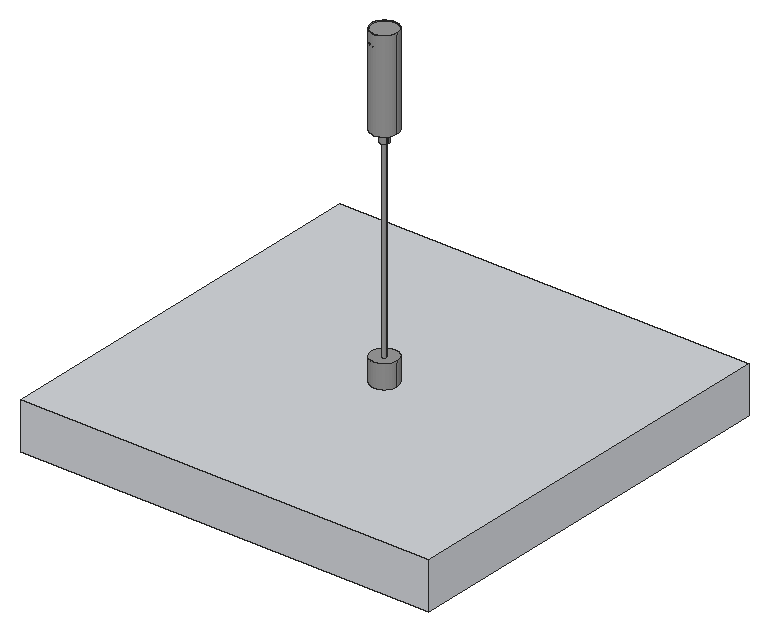
Revit family "ARTLIGHT_Светильник светодиодный_ART-S(N)-FLUTE", category Осветительные приборы, Revit 2019
Family settings
  Основа = Грань
  Размер круглого соединителя = Использовать диаметр
  Тип детали = Нормальный
  При загрузке вырезать с полостями = Нет
  Источник света = Да
  Общий = Нет
  Точка расчета площади = Нет
Parameters (values of type "RAL 15°")
  built-in parameter 1150104 = 13.8 (stored number, unit not read)
  Цветовая температура 4000К [instance] = no
  Цветовая температура 3000К [instance] = no
  Цветовая температура 2700К [instance] = no
  Цветовая температура [instance] = if(Цветовая температура 2700К, 2700 K, if(Цветовая температура 3000К, 3000 K, if(Цветовая температура 4000К, 4000 K, 0 K)))  # 0 K
  built-in parameter 1150134 = 3
  Файл фотометрической сетки = "15deg.ies"
  Угол рассеивания = 15.00°
  Tilt Angle = 90.00°
  built-in parameter 1150137 = (empty or 0)
  built-in parameter 1150132 = (empty or 0)
  built-in parameter 1150114 = 1 (stored number, unit not read)
  Dimming Lamp Color Temperature Shift = (empty or 0)
  built-in parameter 1150105 = 109.82 (stored number, unit not read)
  Color Filter = 16777215
  Lumens = 1380 lm
  Светильник = Стеклянная лампа
  built-in parameter 1150109 = 1 (stored number, unit not read)
  built-in parameter 1150112 = 1 (stored number, unit not read)
  built-in parameter 1150110 = 1 (stored number, unit not read)
  built-in parameter 1150113 = 1 (stored number, unit not read)
  built-in parameter 1150115 = 1 (stored number, unit not read)
  built-in parameter 1114218 = 1 (stored number, unit not read)
  built-in parameter 1114217 = 1 (stored number, unit not read)
  Подвесной монтаж [instance] = yes
  Подвес = Подвес
  Apparent Load = 0 VA
  Default Elevation = 1219.2 mm
  built-in parameter 1150106 = 1.0982 (stored number, unit not read)
  Накладной монтаж [instance] = not(Подвесной монтаж)  # no
  built-in parameter 1150133 = 10 (stored number, unit not read)
  Мощность 10 Вт [instance] = no
  Мощность 6 Вт [instance] = no
  Wattage = 9.2903 W
  built-in parameter 1150139 = (empty or 0)
  Корпус [instance] = Алюминий, RAL
  built-in parameter 1150138 = (empty or 0)
  built-in parameter 1150107 = 3200 (stored number, unit not read)
  built-in parameter 1150102 = (empty or 0)
  Type Image = ART-S-FLUTE w.jpeg
  Длина светильника [instance] = 200.0 mm
  Длина подвеса [instance] = 500.0 mm
  L [instance] = if(Накладной монтаж, 0.8 mm, Длина подвеса)  # 500.0 mm
  Диаметр [instance] = 57.0 mm
  d1 [instance] = Диаметр - 1.5 mm  # 55.5 mm
  URL = "https://artlight.ru/catalog/podvesnye_svetilniki/art_s_flute/"
  ADSK_Примечание [instance] = ""
  ADSK_Позиция [instance] = ""
  ADSK_Обозначение [instance] = ""
  ADSK_Номинальная мощность [instance] = if(Мощность 6 Вт, 6 VA, if(Мощность 10 Вт, 10 VA, 0 VA))  # 0 VA
  ADSK_Наименование краткое = ""
  ADSK_Наименование = "Светильник светодиодный"  # constant formula
  ADSK_Масса_Текст = ""
  ADSK_Масса = 0
  ADSK_Марка [instance] = if(Подвесной монтаж, "ART-S-FLUTE", "ART-N-FLUTE")  # "ART-S-FLUTE"
  ADSK_Количество = 1  # constant formula
  ADSK_Код изделия = ""
  ADSK_Завод-изготовитель = "ARTLIGHT"  # constant formula
  ADSK_Единица измерения = "шт."  # constant formula
Types (10, lengths in mm): name | Файл фотометрической сетки | Угол рассеивания | Корпус | Type Image
  (no name) | "15deg.ies" | 15.00° | Алюминий, RAL | ART-S-FLUTE w.jpeg
  Белый 15° | "15deg.ies" | 15.00° | Алюминий, белый | ART-S-FLUTE w.jpeg
  Белый 24° | "24deg.ies" | 24.00° | Алюминий, белый | ART-S-FLUTE w.jpeg
  Белый 36° | "36deg.ies" | 36.00° | Алюминий, белый | ART-S-FLUTE w.jpeg
  Черный 15° | "15deg.ies" | 15.00° | Алюминий, черный | ART-S-FLUTE b.jpeg
  Черный 24° | "24deg.ies" | 24.00° | Алюминий, черный | ART-S-FLUTE b.jpeg
  Черный 36° | "36deg.ies" | 36.00° | Алюминий, черный | ART-S-FLUTE b.jpeg
  RAL 15° | "15deg.ies" | 15.00° | Алюминий, RAL | ART-S-FLUTE w.jpeg
  RAL 24° | "24deg.ies" | 24.00° | Алюминий, RAL | ART-S-FLUTE w.jpeg
  RAL 36° | "36deg.ies" | 36.00° | Алюминий, RAL | ART-S-FLUTE w.jpeg
Reference planes
  plane 1 "По центру (Вперед/Назад)": y = 0
  plane 2: z = 0
  plane 3 "По центру (Влево/Вправо)": x = 0
  plane 4: z = 50
  plane 5: z = 500
  plane 6: z = 700
Forms (mm)
  Extrusion 1, solid
    sketch origin (0, 0, 0) x (1, 0, 0) y (0, 1, 0)
      loop
        line (-450, 440) -> (-450, -444.475) -> (453.352, -444.475) -> (453.352, 440) -> (-450, 440)
    from 0 to -101.873
  Extrusion 2, solid, material "Алюминий, RAL" <- "Корпус", visible <- "Подвесной монтаж", detail levels medium+fine
    sketch origin (0, 0, 0) x (1, 0, 0) y (0, 1, 0)
      loop
        circle (0, 0) r 28.5
    from 0 to 50
  Extrusion 3, solid, material "Алюминий, RAL" <- "Корпус", detail levels medium+fine
    sketch origin (0, 0, 0) x (1, 0, 0) y (0, 1, 0)
      loop
        circle (0, 0) r 28.5
    from 500 to 700
  Extrusion 4, solid, material "Подвес" <- "Подвес", visible <- "Подвесной монтаж", detail levels medium+fine
    sketch origin (0, 0, 0) x (1, 0, 0) y (0, 1, 0)
      loop
        circle (0, 0) r 5
    from 50 to 500
  Extrusion 5, solid, material "Алюминий, RAL" <- "Корпус", visible <- "Подвесной монтаж", detail levels medium+fine
    sketch origin (0, 0, 0) x (1, 0, 0) y (0, 1, 0)
      loop
        circle (0, 0) r 9
    from 475 to 500
  Extrusion 6, void
    sketch origin (0, 0, 0) x (1, 0, 0) y (0, 1, 0)
      loop
        circle (0, 0) r 27.75
    from 675 to 700
  Extrusion 7, solid, material "Стеклянная лампа" <- "Светильник", detail levels medium+fine
    sketch origin (0, 0, 0) x (1, 0, 0) y (0, 1, 0)
      loop
        circle (0, 0) r 27.75
    from 675 to 700
Cuts and joins
  Extrusion 6 cuts Extrusion 2
  Extrusion 6 cuts Extrusion 4
  Extrusion 6 cuts Extrusion 3
Dimensions and locks
  locked: plane 4 to plane 2 at 50
  "Длина светильника": plane 6 to plane 5
  locked: plane 5 to Extrusion 5 at 25
  locked: imposter light to Extrusion 7 at 25
  "L": plane 5 to plane 2
  "Диаметр": diameter of Extrusion 3 sketch curve
  "Диаметр": diameter of Extrusion 2 sketch curve
  "d1": diameter of Extrusion 6 sketch curve
  "d1": diameter of Extrusion 7 sketch curve
  aligned and locked: plane 2 to Extrusion 1
  aligned and locked: level to Extrusion 1
  aligned and locked: Extrusion 2 to plane 4
  aligned and locked: plane 5 to Extrusion 3
  aligned and locked: Extrusion 3 to plane 6
  aligned and locked: Extrusion 4 to plane 5
  aligned and locked: plane 4 to Extrusion 4
  aligned and locked: Extrusion 5 to plane 5
  aligned and locked: imposter light to plane 3 "По центру (Влево/Вправо)"
  aligned and locked: imposter light to plane 6
  aligned and locked: Extrusion 6 to imposter light
  aligned and locked: Extrusion 7 to imposter light
  aligned and locked: Extrusion 7 to cut or joined group of Extrusion 3, Extrusion 6
Automatic sketch dimensions
  Extrusion 1 sketch curve to Extrusion 1 sketch curve = 903.352 mm
  Extrusion 1 sketch curve to Extrusion 1 sketch curve = 884.475 mm
  plane 1 "По центру (Вперед/Назад)" to Extrusion 4 sketch curve = 0.0 mm
  Extrusion 4 sketch curve to plane 3 "По центру (Влево/Вправо)" = 0.0 mm
  plane 1 "По центру (Вперед/Назад)" to Extrusion 5 sketch curve = 0.0 mm
  Extrusion 5 sketch curve to plane 3 "По центру (Влево/Вправо)" = 0.0 mm
  plane 1 "По центру (Вперед/Назад)" to Extrusion 2 sketch curve = 0.0 mm
  Extrusion 2 sketch curve to plane 3 "По центру (Влево/Вправо)" = 0.0 mm
  plane 1 "По центру (Вперед/Назад)" to Extrusion 3 sketch curve = 0.0 mm
  Extrusion 3 sketch curve to plane 3 "По центру (Влево/Вправо)" = 0.0 mm
  plane 1 "По центру (Вперед/Назад)" to Extrusion 6 sketch curve = 0.0 mm
  Extrusion 6 sketch curve to plane 3 "По центру (Влево/Вправо)" = 0.0 mm
  plane 1 "По центру (Вперед/Назад)" to Extrusion 7 sketch curve = 0.0 mm
  Extrusion 7 sketch curve to plane 3 "По центру (Влево/Вправо)" = 0.0 mm
  radius of Extrusion 4 sketch curve = 5.0 mm
  radius of Extrusion 5 sketch curve = 9.0 mm
Nested families
  nested 1: "УГО" at (0, 0, 0), type "Светодиодный", detail levels coarse
Connectors
  electrical at (0, 0, 0), driven by "ADSK_Номинальная мощность"
    settings: on Extrusion 2, index 1, voltage 220 V, apparent load 0 VA, apparent load phase1 0 VA, apparent load phase2 0 VA, apparent load phase3 0 VA, power factor 1, load classification "Освещение", number of poles 1, system type 30, power factor state 1, is connector primary yes, connector utility no, sub classification motor no, connector description ""
Definition of nested family "УГО"
  Parameters (values of type "Светодиодный")
    Светодиодный = yes
    КЛЛ = no
    Аварийный = no
  Types (6, lengths in mm): name | Светодиодный | Аварийный
    Люминесцентный | no | no
    Светодиодный | yes | no
    Люминесцентный аварийный | no | yes
    Светодиодный аварийный | yes | yes
    С КЛЛ | no | no
    С КЛЛ Аварийный | no | yes
  Reference planes
    plane 1: y = 0
    plane 2: x = 0
  Lines and regions (mm)
    detail lines, visible <- "Светодиодный"
      curve 1: line (-1.25, -2.165, 0) -> (-1.25, 2.165, 0)
      curve 2: line (1.25, 2.165, 0) -> (1.25, -2.165, 0)
    detail lines, visible <- "Аварийный"
      curve 3: line (2.136, -4.557, 0) -> (2.879, -2.518, 0)
      curve 4: line (2.879, -2.518, 0) -> (3.629, -4.579, 0)
      curve 5: line (2.311, -4.079, 0) -> (3.447, -4.079, 0)
    detail lines
      curve 6: circle (0, 0, 0) r 2.5 normal (0, 0, 1)
    detail lines, visible <- "КЛЛ"
      curve 7: line (0, 2.5, 0) -> (0, -2.5, 0)
